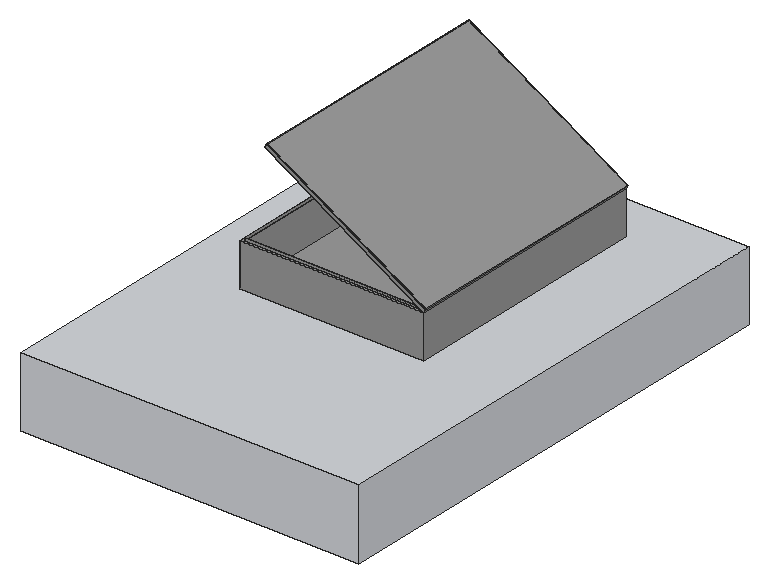
Revit family "Hager-Univers-IP54-D205-H1100-Cl.II-Encl-AT-de", category Equipement électrique, Revit 2020
Family settings
  Hôte = Face
  Configuration du panneau = Deux colonnes, circuits au sein
  Cote de connecteur circulaire = Utiliser le diamètre
  Type d'élément = Tableau de raccordement
  Couper avec des vides une fois chargée = Non
  Partagée = Non
  Point de calcul de pièce = Non
Parameters (values of type "Aufputz IP54 B800 H1100 T205  - FP73SW2")
  Width Control [instance] = if([EF000008 - Breite] > Min Width, [EF000008 - Breite], Min Width)  # 800 mm
  Commentaires du type = [HG000003 - Bereich]  # "Univers"
  Thickness Door [instance] = if([EF009171 - Materialstärke Tür/Deckel] > 3 mm, 3 mm, [EF009171 - Materialstärke Tür/Deckel])  # 1 mm
  Seal Frame Offset [instance] = 17 mm  # constant formula
  Plinth Visibility [instance] = [HG000027 - Sockelhöhe] > 0 mm  # no
  Model = ""
  Min Width [instance] = 100 mm  # constant formula
  Min Height [instance] = 100 mm  # constant formula
  Min Depth [instance] = (2 * [EF009170 - Materialstärke Gehäuse]) + 1 mm  # 3 mm
  Internal Frame Depth [instance] = (Door System Depth * 0.5)  # 9 mm
  Height Control [instance] = if([EF000040 - Höhe] > Min Height, [EF000040 - Höhe], Min Height)  # 1100 mm
  HG000027 - Sockelhöhe = 0 mm
  HG000026 - Stehend auf dem Boden = no
  HG000024 - Höhe des unteren Teils = 800 mm
  HG000023 - Gehäuse mit doppeltem Querschnitt = no
  HG000016 - 3D-Türsichtbarkeit [instance] = yes
  HG000015 - Sichtbarkeit der Türöffnung [instance] = no
  HG000014 - Tür rechts [instance] = yes
  HG000013 - Tür links [instance] = not([HG000014 - Tür rechts])  # no
  HG000012 - Türschwenkwinkel [instance] = 30.00°
  HG000010 - Asymmetrische Türen = no
  HG000009 - Doppelflügeligen Tür = no
  HG000006 - Unterputz = no
  HG000004 - Herstellerreferenz = "FP73SW2"
  HG000003 - Bereich = "Univers"
  HG000002 - Mit tür = yes
  Frame Offset Bottom [instance] = 10 mm  # constant formula
  Frame Offset [instance] = 15 mm  # constant formula
  EF015940 - Deckel mit Überdruckentlastung = no
  EF011959 - Schutzart (NEMA) = ""
  EF009554 - Anzahl der Öffnungen für Flanschplatten = 6
  Fabricant = "Hager"  # constant formula
  EF009212 - Ausführung Deckel = "EV000116 - geschlossen"
  EF009171 - Materialstärke Tür/Deckel = 1 mm
  EF009170 - Materialstärke Gehäuse = 1 mm
  EF008873 - Nennstrom (In) = 250 A
  EF007800 - Geeignet für Blitzschutz = no
  EF006306 - Mit Schloss = no
  EF006244 - Transparenter Deckel/Tür = no
  EF005474 - Schutzart (IP) = "EV006419 - IP54"
  EF004464 - Art der Tür = "EV002646 - Einzel"
  EF004427 - Anzahl der Module = 252
  EF004293 - Schlagfestigkeit = "EV006815 - IK09"
  EF003532 - Geeignet für Außengebrauch = no
  EF002950 - Breite in Teilungseinheiten = 36
  EF001613 - Funktionserhalt = "EV000494 - ohne"
  EF001596 - Werkstoff des Gehäuses = "EV000179 - Stahl"
  EF001131 - Innentiefe = 130 mm
  EF001088 - Anbaumöglichkeit = yes
  EF000437 - Anzahl der Leitungseinführungen = 6
  EF000339 - Art der Abdeckung = "EV004216 - Tür"
  EF000266 - Anzahl der Reihen = 7
  EF000218 - Einbautiefe = 205 mm
  EF000118 - Mit Montageplatte = no
  EF000116 - RAL-Nummer = "9010"
  EF000049 - Tiefe = 205 mm
  EF000040 - Höhe = 1100 mm
  EF000008 - Breite = 800 mm
  EF000007 - Farbe = "EV000202 - weiß"
  EF000003 - Montageart = "EV000384 - Aufputz"
  Door System Leaf Tolerance [instance] = 1.5 mm  # constant formula
  Door System Depth [instance] = 18 mm  # constant formula
  Door Height [instance] = Height Control - [HG000027 - Sockelhöhe]  # 1100 mm
  Depth Control [instance] = if([EF000049 - Tiefe] > Min Depth, [EF000049 - Tiefe], Min Depth)  # 205 mm
  Default Elevation = 0 mm
  Connector Offset [instance] = Height Control / 2  # 550 mm
  Bottom Top Plate Trim [instance] = 1.5 mm  # constant formula
  Plinth height Ctrl [instance] = if([HG000027 - Sockelhöhe] > 0 mm, [HG000027 - Sockelhöhe], 12 mm)  # 12 mm
Types (5, lengths in mm): name | Width Control | HG000010 - Asymmetrische Türen | HG000009 - Doppelflügeligen Tür | HG000004 - Herstellerreferenz | EF009554 - Anzahl der Öffnungen für Flanschplatten | EF004464 - Art der Tür | EF004427 - Anzahl der Module | EF002950 - Breite in Teilungseinheiten | EF000437 - Anzahl der Leitungseinführungen | EF000008 - Breite
  Aufputz IP54 B1050 H1100 T205  - FP74SW2 | 1050 | no | yes | "FP74SW2" | 8 | "EV003602 - Doppel" | 336 | 48 | 8 | 1050
  Aufputz IP54 B1300 H1100 T205  - FP75SW2 | 1300 | yes | yes | "FP75SW2" | 10 | "EV003602 - Doppel" | 420 | 60 | 10 | 1300
  Aufputz IP54 B300 H1100 T205  - FP71SW2 | 300 | no | no | "FP71SW2" | 2 | "EV002646 - Einzel" | 84 | 12 | 2 | 300
  Aufputz IP54 B550 H1100 T205  - FP72SW2 | 550 | no | no | "FP72SW2" | 4 | "EV002646 - Einzel" | 168 | 24 | 4 | 550
  Aufputz IP54 B800 H1100 T205  - FP73SW2 | 800 | no | no | "FP73SW2" | 6 | "EV002646 - Einzel" | 252 | 36 | 6 | 800
Reference planes
  plane 1 "Center (Front/Back)": y = 0
  plane 2: z = 0
  plane 3 "Center (Left/Right)": x = 0
  plane 4: z = 205
  plane 5: y = 1
  plane 6: y = 550
  plane 7: y = 0
  plane 8: y = 1100
  plane 9: z = 0
  plane 10: x = -385
  plane 11: x = 385
  plane 12: x = 384
  plane 13: x = -384
  plane 14: y = 1099
  plane 15: x = -383
  plane 16: x = -400
  plane 17: x = 383
  plane 18: x = 400
  plane 19: x = 399
  plane 20: x = -399
  plane 21: y = 11
  plane 22: y = 1100
  plane 23: y = 1084
  plane 24: z = 187
  plane 25: z = 1
  plane 26: z = 186
  plane 27: z = 204
Forms (mm)
  Extrusion 1, solid
    sketch origin (0, 0, 0) x (1, 0, 0) y (0, 1, 0)
      loop
        line (-702.964, 1305) -> (-702.964, -811.445) -> (766.763, -811.445) -> (766.763, 1305) -> (-702.964, 1305)
    from 0 to -304.8
  Extrusion 2, solid, material "Hager_Steel_RAL7035_Light_Grey", visible <- "Plinth Visibility", detail levels medium+fine
    sketch origin (0, 0, 0) x (1, 0, 0) y (0, 1, 0)
      loop
        line (-400, 0) -> (400, 0) -> (400, 12) -> (-400, 12) -> (-400, 0)
    from 0 to 187
  Extrusion 3, solid, material "Hager_Steel_RAL7035_Light_Grey", detail levels medium+fine
    sketch origin (0, 0, 0) x (1, 0, 0) y (0, 1, 0)
      loop
        line (-400, 0) -> (400, 0) -> (400, 1100) -> (-400, 1100) -> (-400, 0)
    from 0 to 187
  Extrusion 4, void
    sketch origin (0, 0, 0) x (1, 0, 0) y (0, 1, 0)
      loop
        line (-399, 1) -> (399, 1) -> (399, 1099) -> (-399, 1099) -> (-399, 1)
    from 1 to 186
  Extrusion 5, void
    sketch origin (-381.607, -4572, 187) x (0, -1, 0) y (-1, 0, 0)
      loop
        line (-4583, 2.393) -> (-5656, 2.393) -> (-5656, -765.607) -> (-4583, -765.607) -> (-4583, 2.393)
    from 0 to 1 <- "EF009170 - Materialstärke Gehäuse"
  Extrusion 6, solid, material "Hager_Steel_RAL7035_Light_Grey", detail levels fine
    sketch origin (0, 0, 187) x (1, 0, 0) y (0, 1, 0)
      loop
        line (-384, 1084) -> (-384, 11) -> (384, 11) -> (384, 1084) -> (-384, 1084)
      loop
        line (-385, 10) -> (385, 10) -> (385, 1085) -> (-385, 1085) -> (-385, 10)
    from 0 to 9 <- "Internal Frame Depth"
  Extrusion 7, solid, material "Hager_Steel_RAL7035_Light_Grey", detail levels coarse
    sketch origin (0, 0, 0) x (1, 0, 0) y (0, 1, 0)
      loop
        line (-400, 0) -> (400, 0) -> (400, 1100) -> (-400, 1100) -> (-400, 0)
    from 0 to 205
  Sweep 8, void
    path in 3D
      loop
        line (-400, 12, 0) -> (400, 12, 0) -> (400, 12, 187) -> (-400, 12, 187) -> (-400, 12, 0)
    profile origin (-400, 12, 93.5) x (-1, 0, 0) y (0, -1, 0)
      loop
        line (0, 0) -> (0, 1.5) -> (-1.5, 1.5)
        arc (-1.5, 1.5) -> (-1.061, 0.439) -> (0, 0) r 1.5
Cuts and joins
  Extrusion 4, Extrusion 5 cuts Extrusion 3
  Sweep 8 cuts Extrusion 2
Lines and regions (mm)
  Masking region 1
    outline origin (0, 0, 0) x (1, 0, 0) y (0, 0, 1)
      loop
        line (-400, 205) -> (-400, 0) -> (400, 0) -> (400, 205) -> (-400, 205)
  Masking region 2, detail levels medium+fine
    outline origin (0, 140, 0) x (0, 1, 0) y (0, 0, 1)
      loop
        line (-140, 0) -> (960, 0) -> (960, 187) -> (-140, 187) -> (-140, 0)
  Masking region 3, not visible, detail levels medium+fine
    outline origin (0, 297.922, 0) x (0, 1, 0) y (0, 0, 1)
      loop
        line (263.578, 0) -> (303.578, 0) -> (303.578, 194)
        arc (303.578, 194) -> (300.649, 201.071) -> (293.578, 204) r 10
        line (293.578, 204) -> (263.578, 204) -> (263.578, 0)
  Masking region 4, detail levels coarse
    outline origin (0, 0, 180) x (0, 1, 0) y (0, 0, 1)
      loop
        line (0, -180) -> (1100, -180) -> (1100, 25) -> (0, 25) -> (0, -180)
  Masking region 5, visible <- "Plinth Visibility", detail levels medium+fine
    outline origin (0, 52.24, 12.345) x (0, 0, -1) y (0, 1, 0)
      loop
        line (10.845, -40.24) -> (-173.155, -40.24)
        arc (-173.155, -40.24) -> (-173.594, -41.301) -> (-174.655, -41.74) r 1.5
        line (-174.655, -41.74) -> (-174.655, -52.24) -> (12.345, -52.24) -> (12.345, -41.74)
        arc (12.345, -41.74) -> (11.285, -41.301) -> (10.845, -40.24) r 1.5
  Masking region 6, detail levels medium+fine
    outline origin (-381.607, -4572, 187) x (-1, 0, 0) y (0, -1, 0)
      loop
        line (18.393, -5672) -> (18.393, -4572) -> (-781.607, -4572) -> (-781.607, -5672) -> (18.393, -5672)
  Masking region 7, visible <- "Plinth Visibility", detail levels medium+fine
    outline origin (-381.607, -4727, 187) x (-1, 0, 0) y (0, -1, 0)
      loop
        arc (16.893, -4739) -> (17.332, -4737.939) -> (18.393, -4737.5) r 1.5
        line (18.393, -4737.5) -> (18.393, -4727) -> (-781.607, -4727) -> (-781.607, -4737.5)
        arc (-781.607, -4737.5) -> (-780.546, -4737.939) -> (-780.107, -4739) r 1.5
        line (-780.107, -4739) -> (16.893, -4739)
  Masking region 8, detail levels coarse
    outline origin (-442.548, -4669.526, 187) x (-1, 0, 0) y (0, -1, 0)
      loop
        line (-42.548, -5769.526) -> (-42.548, -4669.526) -> (-842.548, -4669.526) -> (-842.548, -5769.526) -> (-42.548, -5769.526)
  sketch lines
    curve 1: line (-400, 12, 187) -> (-400, 12, 0)
    curve 2: line (400, 12, 187) -> (-400, 12, 187)
    curve 3: line (400, 12, 187) -> (400, 12, 0)
    curve 4: line (-400, 12, 0) -> (400, 12, 0)
Dimensions and locks
  "Depth Control": plane 4 to Extrusion 1
  "HG000027 - Sockelhöhe": plane 1 "Center (Front/Back)" to plane 7
  "EF009170 - Materialstärke Gehäuse": plane 5 to plane 7
  locked: connector elem to plane 3 "Center (Left/Right)"
  equal spacing: plane 8, plane 6, plane 7
  locked: connector elem to plane 6
  "EF009170 - Materialstärke Gehäuse": plane 8 to plane 14
  "EF009170 - Materialstärke Gehäuse": plane 10 to plane 13
  "EF009170 - Materialstärke Gehäuse": plane 12 to plane 11
  "Frame Offset": plane 20 to plane 13
  "Frame Offset": plane 12 to plane 19
  "EF009170 - Materialstärke Gehäuse": plane 16 to plane 20
  "EF009170 - Materialstärke Gehäuse": plane 19 to plane 18
  "Seal Frame Offset": plane 16 to plane 15
  "Seal Frame Offset": plane 17 to plane 18
  "Frame Offset Bottom": plane 21 to plane 5
  "Frame Offset": plane 14 to plane 23
  equal spacing: plane 16, plane 3 "Center (Left/Right)", plane 18
  "Width Control": plane 16 to plane 18
  "EF009170 - Materialstärke Gehäuse": plane 4 to plane 27
  "EF009170 - Materialstärke Gehäuse": plane 24 to plane 26
  "EF009170 - Materialstärke Gehäuse": plane 25 to level
  "Door System Depth": plane 4 to plane 24
  "Height Control": plane 1 "Center (Front/Back)" to Extrusion 7 sketch curve
  "Height Control": Masking region 4 sketch curve to plane 1 "Center (Front/Back)"
  "Height Control": plane 1 "Center (Front/Back)" to plane 22
  "Bottom Top Plate Trim": profile plane to Sweep 8 sketch curve
  "Bottom Top Plate Trim": Sweep 8 sketch curve to profile plane
  "Plinth height Ctrl": plane 1 "Center (Front/Back)" to Extrusion 2 sketch curve
  "Plinth height Ctrl": Masking region 5 sketch curve to plane 1 "Center (Front/Back)"
  "Plinth height Ctrl": plane 1 "Center (Front/Back)" to Masking region 7 sketch curve
  "Thickness Door": Extrusion 6 sketch curve to Extrusion 6 sketch curve  (x3)
  "Thickness Door": cut or joined group of Extrusion 3, Extrusion 4, Extrusion 5 to Extrusion 6 sketch curve
  radius of Masking region 3 sketch curve = 10 mm
  "Bottom Top Plate Trim": radius of Masking region 5 sketch curve  (x2)
  "Bottom Top Plate Trim": radius of Sweep 8 sketch curve
  "Bottom Top Plate Trim": radius of Masking region 7 sketch curve  (x2)
  aligned and locked: plane 2 to Extrusion 1
  aligned and locked: level to Extrusion 1
  aligned and locked: level to Masking region 1 sketch curve
  aligned and locked: Masking region 1 sketch curve to plane 18
  aligned and locked: Masking region 1 sketch curve to plane 16
  aligned and locked: plane 7 to Masking region 2 sketch curve
  aligned and locked: level to Masking region 3 sketch curve
  aligned and locked: Masking region 3 sketch curve to plane 27
  aligned and locked: level to Masking region 2 sketch curve
  aligned and locked: plane 1 "Center (Front/Back)" to Extrusion 2 sketch curve
  aligned and locked: Extrusion 3 sketch curve to plane 7
  aligned and locked: plane 16 to Extrusion 3 sketch curve
  aligned and locked: plane 18 to Extrusion 3 sketch curve
  aligned and locked: plane 20 to Extrusion 4 sketch curve
  aligned and locked: plane 19 to Extrusion 4 sketch curve
  aligned and locked: Extrusion 4 sketch curve to plane 5
  aligned and locked: Extrusion 4 to plane 25
  aligned and locked: plane 26 to Extrusion 4
  aligned and locked: plane 24 to Extrusion 3
  aligned and locked: Extrusion 5 sketch curve to plane 21
  aligned and locked: Extrusion 5 sketch curve to plane 13
  aligned and locked: Extrusion 5 sketch curve to plane 12
  aligned and locked: plane 18 to Extrusion 7 sketch curve
  aligned and locked: plane 1 "Center (Front/Back)" to Extrusion 7 sketch curve
  aligned and locked: plane 16 to Extrusion 7 sketch curve
  aligned and locked: plane 4 to Extrusion 7
  aligned and locked: Extrusion 7 to level
  aligned and locked: level to Masking region 4 sketch curve
  aligned and locked: Masking region 4 sketch curve to plane 1 "Center (Front/Back)"
  aligned and locked: Masking region 4 sketch curve to plane 4
  aligned and locked: nested 1 to level
  aligned and locked: nested 1 to plane 16
  aligned and locked: plane 8 to Extrusion 3 sketch curve
  aligned and locked: plane 23 to Extrusion 5 sketch curve
  aligned and locked: plane 14 to Extrusion 4 sketch curve
  aligned and locked: Masking region 2 sketch curve to plane 8
  aligned and locked: level to Masking region 5 sketch curve
  aligned and locked: plane 16 to Extrusion 2 sketch curve
  aligned and locked: plane 18 to Extrusion 2 sketch curve
  aligned and locked: Masking region 5 sketch curve to plane 24
  aligned and locked: Masking region 2 sketch curve to plane 24
  aligned and locked: plane 24 to Extrusion 2
  aligned and locked: profile plane to Sweep 8 sketch curve  (x2)
  aligned and locked: Masking region 6 sketch curve to plane 18
  aligned and locked: Masking region 6 sketch curve to plane 22
  aligned and locked: Masking region 6 sketch curve to plane 16
  aligned and locked: plane 8 to plane 22
  aligned and locked: Masking region 6 sketch curve to plane 7
  aligned and locked: Masking region 7 sketch curve to plane 16
  aligned and locked: Masking region 7 sketch curve to plane 1 "Center (Front/Back)"
  aligned and locked: Masking region 7 sketch curve to plane 18
  aligned and locked: Masking region 8 sketch curve to plane 1 "Center (Front/Back)"
  aligned and locked: Masking region 8 sketch curve to plane 18
  aligned and locked: Masking region 8 sketch curve to plane 22
  aligned and locked: Masking region 8 sketch curve to plane 16
  aligned and locked: nested 2 to plane 7
  aligned and locked: plane 3 "Center (Left/Right)" to nested 2
  aligned and locked: nested 2 to plane 24
  aligned and locked: Extrusion 6 sketch curve to cut or joined group of Extrusion 3, Extrusion 4, Extrusion 5  (x4)
Automatic sketch dimensions
  Extrusion 1 sketch curve to Extrusion 1 sketch curve = 1469.727 mm
  Extrusion 1 sketch curve to Extrusion 1 sketch curve = 2116.445 mm
  Masking region 1 sketch curve to plane 4 = 0 mm
  plane 6 to Masking region 3 sketch curve = 11.5 mm
  Masking region 3 sketch curve to Masking region 3 sketch curve = 30 mm
  Masking region 5 sketch curve to plane 1 "Center (Front/Back)" = 0 mm
Nested families
  nested 1: "Hager_Enclosure_Symbol" at (-400, 0, 0) x (1, 0, 0) z (0, -1, 0), Height <- "Depth Control", Width <- "Width Control", type "Hager_Enclosure_Symbol"
    with Width_Ctrl 800 mm, Width 800 mm, Height_Ctrl 205 mm, Height 205 mm, A_Width_Int 13.453 mm, A_Width 161.438 mm, A_Height_Ctrl 179.375 mm, A_Height 179.375 mm
  nested 2: "EC000058_Univers_Door" at (0, 0, 187) x (1, 0, 0) z (0, 1, 0), Leaf_Tolerance <- "Door System Leaf Tolerance", Angle <- "HG000012 - Türschwenkwinkel", Door_Depth <- "Door System Depth", Door_Left <- "HG000013 - Tür links", Transparent <- "EF006244 - Transparenter Deckel/Tür", Assymetrical <- "HG000010 - Asymmetrische Türen", Width <- "Width Control", Clearance <- "HG000015 - Sichtbarkeit der Türöffnung", Double <- "HG000009 - Doppelflügeligen Tür", 3d_Door <- "HG000016 - 3D-Türsichtbarkeit", Lock_Visibility <- "EF006306 - Mit Schloss", Width_Ctrl <- "Width Control", Door_Right <- "HG000014 - Tür rechts", Door <- "HG000002 - Mit tür", Height <- "Door Height", Thickness <- "Thickness Door", type "EC000058_Univers_Door", detail levels medium+fine
    with min_wh 3 mm, Width_Ctrl 800 mm, Width 800 mm, Transparent no, Thickness 1 mm, Seal_Material Hager_Rubber, Lock_Visibility no, Lock_Material Hager_Plastic_RAL9005_Jet_Black, Leaf_Width 800 mm, Leaf_Tolerance_External_Sides 0 mm, Leaf_Tolerance 1.5 mm, Leaf_Offset 0 mm, Leaf_Height 1097 mm, Leaf_2_Width 800 mm, Leaf_2_Offset 400 mm, Leaf_1_Width 800 mm, Leaf_1_Offset 400 mm, Height_Ctrl 1100 mm, Height 1100 mm, Glass_Material Hager_Glass, Double_Clearance_Ctrl no, Double no, Door_Right_Ctrl yes, Door_Right yes, Door_Material Hager_Steel_RAL7035_Light_Grey, Door_Left_Ctrl no, Door_Left no, Door_Depth 18 mm, Door yes, Clearance_Material Hager_Clearance, Clearance_Depth 800 mm, Clearance_Ctrl no, Clearance no, Assymetrical no, Angle 30.00°, 3d_Door yes
Connectors
  electrical at (0, 550, 0)
    settings: on plane 9, index 1, voltage 0 V, apparent load 0 VA, apparent load phase1 0 VA, apparent load phase2 0 VA, apparent load phase3 0 VA, power factor 1, load classification "Other", number of poles 1, system type 30, power factor state 1, is connector primary yes, connector utility no, sub classification motor no, connector description ""
Definition of nested family "EC000058_Univers_Door"
  Parameters (values of type "EC000058_Univers_Door")
    min_wh [instance] = (2 * Thickness) + 1 mm  # 11 mm
    Width_Ctrl [instance] = 400 mm
    Width [instance] = 500 mm
    Transparent [instance] = yes
    Thickness [instance] = 5 mm
    Seal_Material [instance] = none
    Lock_Visibility [instance] = yes
    Lock_Material [instance] = none
    Leaf_Width [instance] = if((Width_Ctrl - 2 * Leaf_Tolerance_External_Sides) > 0 mm, (Width_Ctrl - 2 * Leaf_Tolerance_External_Sides), min_wh)  # 400 mm
    Leaf_Tolerance_External_Sides [instance] = 0 mm  # constant formula
    Leaf_Tolerance [instance] = 1.5 mm
    Leaf_Offset [instance] = 0 mm  # constant formula
    Leaf_Height [instance] = if((Height_Ctrl - 2 * Leaf_Tolerance) > 0 mm, (Height_Ctrl - 2 * Leaf_Tolerance), min_wh)  # 497 mm
    Leaf_2_Width [instance] = if(and(and(Double, Assymetrical), Door_Left), (Leaf_Width / 3) - (Leaf_Tolerance / 2), if(and(and(Double, Assymetrical), Door_Right), (Leaf_Width / 3) * 2 - (Leaf_Tolerance / 2), if(and(Double, not(Assymetrical)), (Leaf_Width / 2) - Leaf_Tolerance, Leaf_Width)))  # 400 mm
    Leaf_2_Offset [instance] = if(and(Double, Assymetrical), Leaf_2_Width / 2, if(and(Double, not(Assymetrical)), Leaf_Width / 4, Leaf_Width / 2))  # 200 mm
    Leaf_1_Width [instance] = if(and(and(Double, Assymetrical), Door_Right), (Leaf_Width / 3) - (Leaf_Tolerance / 2), if(and(and(Double, Assymetrical), Door_Left), (Width / 3) * 2 - (Leaf_Tolerance / 2), if(and(Double, not(Assymetrical)), (Leaf_Width / 2) - Leaf_Tolerance, Leaf_Width)))  # 400 mm
    Leaf_1_Offset [instance] = if(and(Double, Assymetrical), Leaf_1_Width / 2, if(and(Double, not(Assymetrical)), Leaf_Width / 4, Leaf_Width / 2))  # 200 mm
    Height_Ctrl [instance] = if(Height > min_wh, Height, min_wh)  # 500 mm
    Height [instance] = 500 mm
    Glass_Material [instance] = none
    Double_Clearance_Ctrl [instance] = and(Double, Clearance)  # no
    Double [instance] = no
    Door_Right_Ctrl [instance] = and(or(Door_Right, Double), Door)  # yes
    Door_Right [instance] = yes
    Door_Material [instance] = none
    Door_Left_Ctrl [instance] = and(or(Door_Left, Double), Door)  # no
    Door_Left [instance] = no
    Door_Depth [instance] = 30 mm
    Door [instance] = yes
    Default Elevation = 1219.2 mm
    Clearance_Material [instance] = none
    Clearance_Depth [instance] = if(Leaf_1_Width > Leaf_2_Width, Leaf_1_Width, Leaf_2_Width)  # 400 mm
    Clearance_Ctrl [instance] = and(not(Double), Clearance)  # yes
    Clearance [instance] = yes
    Assymetrical [instance] = yes
    Angle [instance] = 30.00°
    3d_Door [instance] = yes
  Reference planes
    plane 1 "Center (Front/Back)": y = 0
    plane 2 "Bottom": z = 0
    plane 3 "Center (Left/Right)": x = 0
    plane 4: z = 500
    plane 5: x = -200
    plane 6: x = 200
    plane 7: z = 500
    plane 8: x = -200
    plane 9: z = 0
    plane 10: x = 200
    plane 11: y = 0
    plane 12: z = 1.5
    plane 13: x = -600
    plane 14: y = -400
    plane 15: x = 600
    plane 16: x = 0
    plane 17: x = 0
    plane 18: x = -200
    plane 19: x = 200
    plane 20: z = 498.5
  Forms (mm)
    Extrusion 1, solid, material <- "Clearance_Material", visible <- "Double_Clearance_Ctrl"
      sketch origin (1200, 0, 0) x (1, 0, 0) y (0, 0, -1)
        loop
          line (-1800, -498.5) -> (-600, -498.5) -> (-600, 0) -> (-1800, 0) -> (-1800, -498.5)
      from 0 to -400
  Dimensions and locks
    equal spacing: plane 5, plane 3 "Center (Left/Right)", plane 6
    "Width_Ctrl": plane 5 to plane 6
    "Leaf_Offset": plane 5 to plane 8
    "Leaf_Offset": plane 6 to plane 10
    "Leaf_Offset": plane 9 to level
    "Leaf_Offset": plane 4 to plane 7
    "Height_Ctrl": plane 4 to level
    "Leaf_Tolerance": plane 12 to plane 9
    locked: plane 11 to plane 1 "Center (Front/Back)"
    "Leaf_1_Offset": plane 18 to plane 16
    "Leaf_2_Offset": plane 17 to plane 19
    "Leaf_1_Width": plane 13 to plane 8
    "Leaf_2_Width": plane 10 to plane 15
    "Clearance_Depth": plane 14 to plane 1 "Center (Front/Back)"
    "Leaf_Tolerance_External_Sides": plane 8 to plane 18
    "Leaf_Tolerance_External_Sides": plane 19 to plane 10
    "Leaf_Tolerance": plane 7 to plane 20
    aligned and locked: level to plane 2 "Bottom"
    aligned and locked: nested 1 to plane 16
    aligned and locked: nested 2 to plane 17
    aligned and locked: Extrusion 1 to plane 13
    aligned and locked: plane 15 to Extrusion 1
    aligned and locked: Extrusion 1 to plane 14
    aligned and locked: plane 12 to nested 1
    aligned and locked: nested 2 to plane 12
    aligned and locked: Extrusion 1 to plane 11
    aligned and locked: plane 20 to Extrusion 1
    aligned and locked: nested 2 to plane 11
    aligned and locked: nested 1 to plane 11
  Automatic sketch dimensions
    Extrusion 1 sketch curve to level = 0 mm
    plane 5 to Extrusion 1 sketch curve = 400 mm
    plane 6 to Extrusion 1 sketch curve = 400 mm
    Extrusion 1 sketch curve to plane 4 = 1.5 mm
  Nested families
    nested 1: "EC000058_Univers_Door_Leaf" at (0, 0, 1.5), Width <- "Leaf_1_Width", visible <- "Door_Left_Ctrl", Leaf_Height <- "Leaf_Height", Angle <- "Angle", 3d_Door <- "3d_Door", Transparent <- "Transparent", Clearance Material <- "Clearance_Material", Clearance <- "Clearance_Ctrl", Door_Material <- "Door_Material", Glass_Material <- "Glass_Material", Door_Depth <- "Door_Depth", Lock_Material <- "Lock_Material", Seal_Material <- "Seal_Material", Lock_Visibility <- "Lock_Visibility", Thickness <- "Thickness", type "EC000058_Univers_Door_Leaf"
      with Width 400 mm, Transparent_Glass_Offset 30 mm, Transparent_Ctrl yes, Transparent yes, Thickness 5 mm, Standard no, Seal_Material none, Seal_D2 8 mm, Seal_D1 1 mm, Offset_Internal_Frame 10 mm, Lock_Width 20 mm, Lock_Visibility_3d yes, Lock_Visibility yes, Lock_Thickness_3 3 mm, Lock_Thickness_2 1 mm, Lock_Thickness_1 3 mm, Lock_Radius_Offset_2 16 mm, Lock_Radius_Offset_1 15 mm, Lock_Radius_2 5 mm, Lock_Radius 6 mm, Lock_Offset 5 mm, Lock_Material none, Lock_Height 80 mm, Lock_Cover_Top_Offset_2d 17 mm, Lock_Cover_Height -65 mm, Leaf_Height 497 mm, Internal_Seal_Thickness 8 mm, Internal_Seal_Depth_2 4.5 mm, Internal_Frame_Depth 25 mm, Glass_Thickness -1 mm, Glass_Offset -2 mm, Glass_Material none, Door_Material none, Door_Depth 30 mm, Clearance Material none, Clearance yes, Angle_Ctrl 30.00°, Angle 30.00°, 3d_Door yes
    nested 2: "EC000058_Univers_Door_Leaf" at (0, 0, 1.5) x (-1, 0, 0) z (0, 0, 1), Width <- "Leaf_2_Width", visible <- "Door_Right_Ctrl", Leaf_Height <- "Leaf_Height", Angle <- "Angle", 3d_Door <- "3d_Door", Transparent <- "Transparent", Clearance Material <- "Clearance_Material", Clearance <- "Clearance_Ctrl", Door_Material <- "Door_Material", Glass_Material <- "Glass_Material", Door_Depth <- "Door_Depth", Lock_Material <- "Lock_Material", Seal_Material <- "Seal_Material", Lock_Visibility <- "Lock_Visibility", Thickness <- "Thickness", type "EC000058_Univers_Door_Leaf"
      with Width 400 mm, Transparent_Glass_Offset 30 mm, Transparent_Ctrl yes, Transparent yes, Thickness 5 mm, Standard no, Seal_Material none, Seal_D2 8 mm, Seal_D1 1 mm, Offset_Internal_Frame 10 mm, Lock_Width 20 mm, Lock_Visibility_3d yes, Lock_Visibility yes, Lock_Thickness_3 3 mm, Lock_Thickness_2 1 mm, Lock_Thickness_1 3 mm, Lock_Radius_Offset_2 16 mm, Lock_Radius_Offset_1 15 mm, Lock_Radius_2 5 mm, Lock_Radius 6 mm, Lock_Offset 5 mm, Lock_Material none, Lock_Height 80 mm, Lock_Cover_Top_Offset_2d 17 mm, Lock_Cover_Height -65 mm, Leaf_Height 497 mm, Internal_Seal_Thickness 8 mm, Internal_Seal_Depth_2 4.5 mm, Internal_Frame_Depth 25 mm, Glass_Thickness -1 mm, Glass_Offset -2 mm, Glass_Material none, Door_Material none, Door_Depth 30 mm, Clearance Material none, Clearance yes, Angle_Ctrl 30.00°, Angle 30.00°, 3d_Door yes
  Definition of nested family "EC000058_Univers_Door_Leaf"
    Parameters (values of type "EC000058_Univers_Door_Leaf")
      Width [instance] = 2000 mm
      Transparent_Glass_Offset [instance] = 30 mm
      Transparent_Ctrl [instance] = and(Transparent, [3d_Door])  # yes
      Transparent [instance] = yes
      Thickness [instance] = 5 mm
      Standard [instance] = and(not(Transparent), [3d_Door])  # no
      Seal_Material [instance] = none
      Seal_D2 [instance] = 8 mm  # constant formula
      Seal_D1 [instance] = 1 mm  # constant formula
      Offset_Internal_Frame [instance] = 10 mm  # constant formula
      Lock_Width [instance] = 20 mm  # constant formula
      Lock_Visibility_3d [instance] = and(Lock_Visibility, [3d_Door])  # yes
      Lock_Visibility [instance] = yes
      Lock_Thickness_3 [instance] = 3 mm  # constant formula
      Lock_Thickness_2 [instance] = 1 mm  # constant formula
      Lock_Thickness_1 [instance] = 3 mm  # constant formula
      Lock_Radius_Offset_2 [instance] = Lock_Radius_Offset_1 + 1 mm  # 16 mm
      Lock_Radius_Offset_1 [instance] = 15 mm  # constant formula
      Lock_Radius_2 [instance] = Lock_Radius - 1 mm  # 5 mm
      Lock_Radius [instance] = 6 mm  # constant formula
      Lock_Offset [instance] = 5 mm  # constant formula
      Lock_Material [instance] = none
      Lock_Height [instance] = 80 mm  # constant formula
      Lock_Cover_Top_Offset_2d [instance] = Lock_Radius_Offset_2 + 1 mm  # 17 mm
      Lock_Cover_Height [instance] = -(Lock_Height - Lock_Radius_Offset_1)  # -65 mm
      Leaf_Height [instance] = 2720.336 mm
      Internal_Seal_Thickness [instance] = 8 mm  # constant formula
      Internal_Seal_Depth_2 [instance] = 4.5 mm  # constant formula
      Internal_Frame_Depth [instance] = if(Door_Depth - Thickness > 5 mm, Door_Depth - Thickness, 5 mm)  # 25 mm
      Glass_Thickness [instance] = if(Thickness > 15 mm, Glass_Offset + 10 mm, -1 mm)  # -1 mm
      Glass_Offset [instance] = if(Thickness > 15 mm, -(Thickness + 10 mm) / 2, -2 mm)  # -2 mm
      Glass_Material [instance] = none
      Door_Material [instance] = none
      Door_Depth [instance] = 30 mm
      Default Elevation = 0 mm
      Clearance Material [instance] = none
      Clearance [instance] = yes
      Angle_Ctrl [instance] = if(Angle > 180.00°, 180.00°, Angle)  # 90.00°
      Angle [instance] = 90.00°
      3d_Door [instance] = yes
    Reference planes
      plane 1 "Center (Front/Back)": y = 0
      plane 2: z = 0
      plane 3 "Center (Left/Right)": x = 0
      plane 4: y = 2000
      plane 5: x = -1000
      plane 6: x = 1000
      plane 7: x = -3000
      plane 8: z = 2720.336
      plane 9: z = 30
      plane 10: z = 2690.336
      plane 11: x = 970
      plane 12: x = -970
      plane 13: y = -3
      plane 14: z = 107.833
      plane 15: y = -5
      plane 16: y = -223.314
      plane 17: x = -1000
      plane 18: z = 1360.168
      plane 19: y = 30
    Forms (mm)
      Extrusion 1, solid, material <- "Clearance Material", visible <- "Clearance"
        sketch origin (0, 0, 0) x (1, 0, 0) y (0, 0, 1)
          loop
            line (-3000, 2720.336) -> (-3000, 0) -> (1000, 0) -> (1000, 2720.336) -> (-3000, 2720.336)
        from 0 to -2000
      Extrusion 2, solid, material <- "Door_Material", visible <- "Standard", detail levels medium+fine
        sketch origin (-1000, 0, 0) x (0, 1, 0) y (-1, 0, 0)
          loop
            line (0, 30) -> (0, 25) -> (2000, 25) -> (2000, 30) -> (0, 30)
        from 0 to 2720.336 <- "Leaf_Height"
      Extrusion 3, solid, material <- "Door_Material", visible <- "Transparent_Ctrl", detail levels medium+fine
        sketch origin (-1000, 0, 0) x (0, 1, 0) y (-1, 0, 0)
          loop
            line (0, 25) -> (2000, 25) -> (2000, 30) -> (0, 30) -> (0, 25)
        from 0 to 2720.336 <- "Leaf_Height"
      Extrusion 4, void
        sketch origin (-1025, 2000, 0) x (0, 1, 0) y (0, 0, -1)
          loop
            line (-30, -2690.336) -> (-30, -30) -> (-1970, -30) -> (-1970, -2690.336) -> (-30, -2690.336)
        from 0 to 5 <- "Thickness"
      Sweep 5, solid, material <- "Seal_Material", visible <- "Transparent_Ctrl", detail levels fine
        path in 3D
          loop
            line (-1025, 30, 30) -> (-1025, 30, 2690.336) -> (-1025, 1970, 2690.336) -> (-1025, 1970, 30) -> (-1025, 30, 30)
        profile origin (-1025, 1000, 30) x (1, 0, 0) y (0, 0, 1)
          loop
            line (0, 0) -> (0, -8) -> (1, -8) -> (1, 0) -> (0, 0)
      Extrusion 6, solid, material <- "Glass_Material", visible <- "Transparent_Ctrl", detail levels medium+fine
        sketch origin (-1030, 0, 0) x (0, 1, 0) y (0, 0, -1)
          loop
            line (1970, -2690.336) -> (1970, -30) -> (30, -30) -> (30, -2690.336) -> (1970, -2690.336)
        from -2 <- "Glass_Offset" to -1 <- "Glass_Thickness"
      Extrusion 7, solid, material <- "Door_Material", visible <- "3d_Door", detail levels medium+fine
        sketch origin (-1025, 2000, 0) x (0, -1, 0) y (0, 0, -1)
          loop
            line (0, -2720.336) -> (2000, -2720.336) -> (2000, 0) -> (0, 0) -> (0, -2720.336)
          loop
            line (1995, -5) -> (5, -5) -> (5, -2715.336) -> (1995, -2715.336) -> (1995, -5)
        from 0 to 25 <- "Internal_Frame_Depth"
      Sweep 8, solid, material <- "Seal_Material", visible <- "Transparent_Ctrl", detail levels fine
        path in 3D
          loop
            line (-1025, 0, 0) -> (-1025, 2000, 0) -> (-1025, 2000, 2720.336) -> (-1025, 0, 2720.336) -> (-1025, 0, 0)
        profile origin (-1025, 0, 1360.168) x (1, 0, 0) y (0, 1, 0)
          loop
            line (0, 10) -> (2.975, 10)
            arc (2.975, 10) -> (4.053, 10.447) -> (4.5, 11.525) r 1.525
            line (4.5, 11.525) -> (4.5, 16.527)
            arc (4.5, 16.527) -> (4.069, 17.569) -> (3.027, 18) r 1.473
            line (3.027, 18) -> (0, 18) -> (0, 10)
      Extrusion 9, solid, material <- "Lock_Material", visible <- "Lock_Visibility_3d", detail levels fine
        sketch origin (-1030, 0, 0) x (0, 1, 0) y (0, 0, -1)
          loop
            arc (1993.5, -1400.168) -> (1994.561, -1399.729) -> (1995, -1398.668) r 1.5
            line (1995, -1398.668) -> (1995, -1320.168) -> (1975, -1320.168) -> (1975, -1398.668)
            arc (1975, -1398.668) -> (1975.439, -1399.729) -> (1976.5, -1400.168) r 1.5
            line (1976.5, -1400.168) -> (1993.5, -1400.168)
        from 3 <- "Lock_Thickness_1" to 0
      Blend 10, solid, material <- "Lock_Material", visible <- "Lock_Visibility_3d", detail levels fine
        base sketch origin (-1033, 0, 0) x (0, 1, 0) y (0, 0, -1)
          loop
            line (1975, -1320.168) -> (1975, -1398.668)
            arc (1975, -1398.668) -> (1975.439, -1399.729) -> (1976.5, -1400.168) r 1.5
            line (1976.5, -1400.168) -> (1993.5, -1400.168)
            arc (1993.5, -1400.168) -> (1994.561, -1399.729) -> (1995, -1398.668) r 1.5
            line (1995, -1398.668) -> (1995, -1320.168) -> (1975, -1320.168)
        top sketch origin (-1033, 0, 0) x (0, 1, 0) y (0, 0, -1)
          loop
            line (1976, -1320.168) -> (1976, -1398.668)
            arc (1976, -1398.668) -> (1976.146, -1399.022) -> (1976.5, -1399.168) r 0.5
            line (1976.5, -1399.168) -> (1993.5, -1399.168)
            arc (1993.5, -1399.168) -> (1993.854, -1399.022) -> (1994, -1398.668) r 0.5
            line (1994, -1398.668) -> (1994, -1320.168) -> (1976, -1320.168)
        from 0 to 1 <- "Lock_Thickness_2"
      Blend 11, solid, material <- "Lock_Material", visible <- "Lock_Visibility_3d", detail levels fine
        base sketch origin (-1034, 0, 0) x (0, 1, 0) y (0, 0, -1)
          loop
            line (1978, -1320.168) -> (1978, -1384.168)
            arc (1978, -1384.168) -> (1985, -1391.168) -> (1992, -1384.168) r 7
            line (1992, -1384.168) -> (1992, -1320.168) -> (1978, -1320.168)
        top sketch origin (-1034, 0, 0) x (0, 1, 0) y (0, 0, -1)
          loop
            line (1991, -1320.168) -> (1979, -1320.168) -> (1979, -1383.168)
            arc (1979, -1383.168) -> (1985, -1389.168) -> (1991, -1383.168) r 6
            line (1991, -1383.168) -> (1991, -1320.168)
        from 0 to 3 <- "Lock_Thickness_3"
      Extrusion 12, solid, material <- "Lock_Material", visible <- "Lock_Visibility_3d", detail levels fine
        sketch origin (-1030, 1975, 1320.168) x (1, 0, 0) y (0, -1, 0)
          loop
            line (-7, -19) -> (-7, -1) -> (0, -1) -> (0, 0) -> (-8, 0) -> (-8, -20) -> (0, -20) -> (0, -19) -> (-7, -19)
        from 0 to -65 <- "Lock_Cover_Height"
      Extrusion 13, void
        sketch origin (-1038, 1995, 1320.168) x (-1, 0, 0) y (0, 0, -1)
          loop
            line (-5, -65) -> (0, -65) -> (-5, -60) -> (-5, -65)
        from 0 to 20 <- "Lock_Width"
      Extrusion 14, void
        sketch origin (-1038, 1975, 1320.168) x (0, -1, 0) y (0, 0, -1)
          loop
            circle (-10, -15.995) r 6
          loop
            circle (-10, -15.995) r 5
        from 0 to 2
      Extrusion 15, solid, material <- "Lock_Material", visible <- "Lock_Visibility_3d", detail levels medium
        sketch origin (-1030, 0, 0) x (0, 1, 0) y (0, 0, -1)
          loop
            arc (1993.5, -1400.168) -> (1994.561, -1399.729) -> (1995, -1398.668) r 1.5
            line (1995, -1398.668) -> (1995, -1320.168) -> (1975, -1320.168) -> (1975, -1398.668)
            arc (1975, -1398.668) -> (1975.439, -1399.729) -> (1976.5, -1400.168) r 1.5
            line (1976.5, -1400.168) -> (1993.5, -1400.168)
        from 8 to 0
    Cuts and joins
      Extrusion 4 cuts Extrusion 3
      Extrusion 13, Extrusion 14 cuts Extrusion 9
      Extrusion 14 cuts Blend 11
      Extrusion 13, Extrusion 14 cuts Extrusion 12
      joined: Extrusion 9, Blend 10, Blend 11, Extrusion 12
      Extrusion 14 cuts Extrusion 15
    Lines and regions (mm)
      Masking region 1, visible <- "Lock_Visibility", detail levels fine
        outline origin (0, 0, 0) x (0, 1, 0) y (0, 0, 1)
          loop
            line (30, 1320.168) -> (33, 1320.168) -> (33, 1400.168) -> (30, 1400.168) -> (30, 1320.168)
      Masking region 2, visible <- "Lock_Visibility", detail levels fine
        outline origin (0, 3.143, 0) x (0, 1, 0) y (0, 0, 1)
          loop
            line (29.857, 1354.168) -> (30.857, 1354.168) -> (30.857, 1366.168) -> (29.857, 1366.168) -> (29.857, 1354.168)
      Masking region 3, detail levels medium+fine
        outline origin (0, 0, 0) x (0, 1, 0) y (0, 0, 1)
          loop
            line (0, 0) -> (30, 0) -> (30, 2720.336) -> (0, 2720.336) -> (0, 0)
      Masking region 4, detail levels medium+fine
        outline origin (0, 0, 0) x (1, 0, 0) y (0, 0, 1)
          loop
            line (-1000, 2720.336) -> (-1000, 0) -> (1000, 0) -> (1000, 2720.336) -> (-1000, 2720.336)
      Masking region 5, visible <- "Lock_Visibility", detail levels fine
        outline origin (-47.116, 0, 0) x (1, 0, 0) y (0, 0, 1)
          loop
            arc (1024.616, 1399.168) -> (1023.556, 1398.729) -> (1023.116, 1397.668) r 1.5
            line (1023.116, 1397.668) -> (1023.116, 1320.168) -> (1041.116, 1320.168) -> (1041.116, 1397.668)
            arc (1041.116, 1397.668) -> (1040.677, 1398.729) -> (1039.616, 1399.168) r 1.5
            line (1039.616, 1399.168) -> (1024.616, 1399.168)
      Masking region 6, visible <- "Lock_Visibility", detail levels medium+fine
        outline origin (-25, 0, 0) x (1, 0, 0) y (0, 0, 1)
          loop
            arc (1001.5, 1400.168) -> (1000.439, 1399.729) -> (1000, 1398.668) r 1.5
            line (1000, 1398.668) -> (1000, 1320.168) -> (1020, 1320.168) -> (1020, 1398.668)
            arc (1020, 1398.668) -> (1019.561, 1399.729) -> (1018.5, 1400.168) r 1.5
            line (1018.5, 1400.168) -> (1001.5, 1400.168)
      Masking region 7, visible <- "Lock_Visibility", detail levels fine
        outline origin (-73.735, 0, 0) x (1, 0, 0) y (0, 0, 1)
          loop
            line (1051.735, 1382.168) -> (1065.735, 1382.168) -> (1065.735, 1384.168)
            arc (1065.735, 1384.168) -> (1058.735, 1391.168) -> (1051.735, 1384.168) r 7
            line (1051.735, 1384.168) -> (1051.735, 1382.168)
      Masking region 8, visible <- "Lock_Visibility", detail levels fine
        outline origin (-73.735, 0, 0) x (1, 0, 0) y (0, 0, 1)
          loop
            line (1052.735, 1382.168) -> (1064.735, 1382.168) -> (1064.735, 1383.168)
            arc (1064.735, 1383.168) -> (1058.735, 1389.168) -> (1052.735, 1383.168) r 6
            line (1052.735, 1383.168) -> (1052.735, 1382.168)
      Masking region 9, visible <- "Lock_Visibility", detail levels fine
        outline origin (-25, 0, 0) x (1, 0, 0) y (0, 0, 1)
          loop
            line (1020, 1320.168) -> (1020, 1382.168) -> (1000, 1382.168) -> (1000, 1320.168) -> (1020, 1320.168)
      Masking region 10, detail levels medium+fine
        outline origin (0, 0, 0) x (1, 0, 0) y (0, 0, 1)
          loop
            circle (985, 1335.144) r 6
      Masking region 11, detail levels fine
        outline origin (0, 0, 0) x (1, 0, 0) y (0, 0, 1)
          loop
            circle (985, 1335.144) r 5
      Masking region 12, visible <- "Lock_Visibility", detail levels fine
        outline origin (0, 12.767, 0) x (0, 1, 0) y (0, 0, 1)
          loop
            line (20.233, 1320.168) -> (21.233, 1320.168) -> (21.233, 1399.168) -> (20.233, 1400.168) -> (20.233, 1320.168)
      Masking region 13, visible <- "Lock_Visibility", detail levels fine
        outline origin (0, 13.767, -10) x (0, 1, 0) y (0, 0, 1)
          loop
            line (20.233, 1330.168) -> (23.233, 1330.168) -> (23.233, 1399.168) -> (20.233, 1402.168) -> (20.233, 1330.168)
      Masking region 14, visible <- "Lock_Visibility", detail levels fine
        outline origin (0, 12.767, -10) x (0, 1, 0) y (0, 0, 1)
          loop
            line (20.233, 1330.168) -> (25.233, 1330.168) -> (25.233, 1399.305) -> (20.233, 1394.305) -> (20.233, 1330.168)
      Masking region 15, visible <- "Lock_Visibility", detail levels medium
        outline origin (0, 0, 0) x (0, 1, 0) y (0, 0, 1)
          loop
            line (30, 1320.168) -> (38, 1320.168) -> (38, 1400.168) -> (30, 1400.168) -> (30, 1320.168)
      Masking region 16, visible <- "Lock_Visibility", detail levels fine
        outline origin (-1000, 0, 0) x (0, 1, 0) y (-1, 0, 0)
          loop
            line (1975, 30) -> (1995, 30) -> (1995, 38) -> (1975, 38) -> (1975, 30)
          loop
            line (1979, 37) -> (1976, 37) -> (1976, 34) -> (1978, 34) -> (1979, 37)
          loop
            line (1994, 37) -> (1991, 37) -> (1992, 34) -> (1994, 34) -> (1994, 37)
      Masking region 17, visible <- "Lock_Visibility", detail levels medium
        outline origin (-1000, 0, 0) x (0, 1, 0) y (-1, 0, 0)
          loop
            line (1975, 30) -> (1995, 30) -> (1995, 38) -> (1975, 38) -> (1975, 30)
      symbolic lines
        curve 1: line (1000, 0, 0) -> (-3000, 0, 0)
        curve 2: arc (1000, 0, 0) -> (-1000, 2000, 0) -> (-3000, 0, 0) r 2000
        curve 4: line (-1030, 0, 0) -> (-1030, 2000, 0)
      reference lines
        curve 3: line (-1000, 0, 0) -> (-1000, 2000, 0)
      symbolic lines, detail levels medium+fine
        curve 5: line (-1030, 2000, 0) -> (-1025, 2000, 0)
        curve 7: line (-1025, 0, 0) -> (-1030, 0, 0)
        curve 8: line (-1025, 0, 0) -> (-1000, 0, 0)
        curve 9: line (-1000, 0, 0) -> (-1000, 2000, 0)
        curve 10: line (-1000, 2000, 0) -> (-1025, 2000, 0)
      symbolic lines, detail levels fine
        curve 6: line (-1025, 2000, 0) -> (-1025, 0, 0)
      sketch lines
        curve 11: line (-1025, 0, 2720.336) -> (-1025, 0, 0)
        curve 12: line (-1025, 2000, 0) -> (-1025, 0, 0)
        curve 13: line (-1025, 2000, 2720.336) -> (-1025, 2000, 0)
        curve 14: line (-1025, 0, 2720.336) -> (-1025, 2000, 2720.336)
        curve 15: line (-1025, 1970, 30) -> (-1025, 30, 30)
        curve 16: line (-1025, 30, 30) -> (-1025, 30, 2690.336)
        curve 17: line (-1025, 1970, 2690.336) -> (-1025, 1970, 30)
        curve 18: line (-1025, 30, 2690.336) -> (-1025, 1970, 2690.336)
      symbolic lines, visible <- "Transparent", detail levels medium+fine
        curve 19: line (-970, 0, 2690.336) -> (970, 0, 2690.336)
        curve 20: line (-970, 0, 30) -> (-970, 0, 2690.336)
        curve 21: line (970, 0, 30) -> (-970, 0, 30)
        curve 22: line (970, 0, 2690.336) -> (970, 0, 30)
    Dimensions and locks
      "Width": plane 1 "Center (Front/Back)" to plane 4
      equal spacing: plane 5, plane 3 "Center (Left/Right)", plane 6
      "Width": plane 5 to plane 6
      "Width": plane 7 to plane 5
      "Leaf_Height": plane 8 to level
      "Width": curve 5 to curve 3
      "Width": curve 3 to curve 3
      plane 8 to plane 10 = 30 mm
      plane 9 to level = 30 mm
      plane 12 to plane 5 = 30 mm
      plane 6 to plane 11 = 30 mm
      Extrusion 1 to Extrusion 4 sketch curve = 30 mm
      "Transparent_Glass_Offset": curve 3 to Extrusion 4 sketch curve
      "Transparent_Glass_Offset": Extrusion 4 sketch curve to cut or joined group of Extrusion 3, Extrusion 4  (x2)
      cut or joined group of Extrusion 3, Extrusion 4 to Extrusion 6 sketch curve = 30 mm
      "Transparent_Glass_Offset": cut or joined group of Extrusion 3, Extrusion 4 to Extrusion 4 sketch curve
      "Thickness": curve 6 to curve 4
      "Thickness": Extrusion 7 sketch curve to Extrusion 7 sketch curve  (x4)
      "Door_Depth": curve 4 to curve 3
      "Offset_Internal_Frame": profile plane to Sweep 8 sketch curve
      "Internal_Seal_Thickness": Sweep 8 sketch curve to Sweep 8 sketch curve
      "Internal_Seal_Depth_2": profile plane to Sweep 8 sketch curve
      "Seal_D1": profile plane to Sweep 5 sketch curve
      "Seal_D2": profile plane to Sweep 5 sketch curve
      "Thickness": Extrusion 2 sketch curve to Extrusion 2 sketch curve
      equal spacing: Extrusion 9 sketch curve, plane 18, Extrusion 9 sketch curve  (x2)
      equal spacing: Masking region 1 sketch curve, plane 18, Masking region 1 sketch curve
      "Lock_Height": Masking region 1 sketch curve to Masking region 1 sketch curve
      "Lock_Radius": Masking region 2 sketch curve to plane 18 to Masking region 2 sketch curve
      Masking region 2 sketch curve to Masking region 1 = 1 mm
      "Door_Depth": plane 19 to plane 1 "Center (Front/Back)"
      "Lock_Thickness_1": Masking region 1 sketch curve to plane 19
      "Lock_Width": Extrusion 9 sketch curve to Extrusion 9 sketch curve
      "Lock_Height": Extrusion 9 sketch curve to Extrusion 9 sketch curve
      "Lock_Offset": cut or joined group of Extrusion 3, Extrusion 4 to Extrusion 9 sketch curve
      equal spacing: plane 8, plane 18, level
      "Lock_Radius_Offset_1": Blend 11 sketch curve to Blend 10
      locked: Blend 10 to Blend 11 sketch curve at 2  (x2)
      locked: var sketch to Blend 11 sketch curve at 1  (x2)
      "Lock_Radius_Offset_2": Blend 11 sketch curve to Blend 10
      locked: Extrusion 12 sketch curve to Extrusion 12 sketch curve at 1  (x3)
      Masking region 6 sketch curve to Masking region 6 sketch curve = 80 mm
      "Lock_Height": Masking region 6 sketch curve to Masking region 6 sketch curve
      "Lock_Width": Masking region 6 sketch curve to Masking region 6 sketch curve
      locked: Masking region 6 to Masking region 5 sketch curve at 1  (x3)
      locked: Masking region 5 to Masking region 7 sketch curve at 2  (x2)
      "Lock_Radius_Offset_1": Masking region 5 to Masking region 7 sketch curve
      "Lock_Radius_Offset_2": Masking region 5 to Masking region 8 sketch curve
      locked: Masking region 7 to Masking region 8 sketch curve at 1  (x2)
      "Lock_Cover_Top_Offset_2d": Masking region 5 to Masking region 9 sketch curve
      equal spacing: Masking region 9, Masking region 10 sketch curve, Masking region 9
      equal spacing: Masking region 9, Masking region 11 sketch curve, Masking region 9
      Extrusion 15 sketch curve to Extrusion 15 sketch curve = 80 mm
      "Lock_Width": Extrusion 15 sketch curve to Extrusion 15 sketch curve
      "Lock_Height": Extrusion 15 sketch curve to Extrusion 15 sketch curve
      equal spacing: Extrusion 15 sketch curve, plane 18, Extrusion 15 sketch curve
      "Lock_Thickness_3": Masking region 13 sketch curve to Masking region 13 sketch curve
      "Lock_Height": Masking region 12 sketch curve to Masking region 12 sketch curve
      locked: Masking region 13 sketch curve to Masking region 1 at 8
      locked: Masking region 14 sketch curve to Masking region 13 at 1
      locked: Masking region 14 sketch curve to Masking region 1 at 10.863
      "Lock_Height": Masking region 15 sketch curve to Masking region 15 sketch curve
      "Lock_Offset": Extrusion 15 sketch curve to cut or joined group of Extrusion 3, Extrusion 4
      "Lock_Offset": plane 6 to Masking region 6 sketch curve
      radius of Sweep 8 sketch curve = 1.525 mm
      radius of Sweep 8 sketch curve = 1.473 mm
      radius of Extrusion 9 sketch curve = 1.5 mm  (x2)
      "Lock_Radius": radius of Extrusion 14 sketch curve
      "Lock_Radius_2": radius of Extrusion 14 sketch curve
      "Lock_Radius": radius of Masking region 10 sketch curve
      "Lock_Radius_2": radius of Masking region 11 sketch curve
      radius of Extrusion 15 sketch curve = 1.5 mm  (x2)
      "Angle_Ctrl": angle plane 1 "Center (Front/Back)" to curve 3
      locked: Masking region 12 sketch curve to Masking region 12 sketch curve (angle 45.00°)
      locked: Masking region 13 sketch curve to Masking region 13 sketch curve (angle 45.00°)
      locked: Masking region 14 sketch curve to Masking region 14 sketch curve (angle 45.00°)
      aligned and locked: level to plane 2
      aligned and locked: Extrusion 1 to curve 1
      aligned and locked: plane 6 to Extrusion 1
      aligned and locked: Extrusion 1 to plane 1 "Center (Front/Back)"
      aligned and locked: plane 4 to Extrusion 1
      aligned and locked: plane 8 to Extrusion 1
      aligned and locked: curve 7 to Extrusion 2 sketch curve
      aligned and locked: curve 5 to Extrusion 2 sketch curve
      aligned and locked: curve 7 to Extrusion 3 sketch curve
      aligned and locked: Extrusion 3 sketch curve to curve 4
      aligned and locked: Extrusion 3 sketch curve to curve 6
      aligned and locked: Extrusion 3 sketch curve to curve 5
      aligned and locked: curve 9 to curve 3
      aligned and locked: Extrusion 7 sketch curve to cut or joined group of Extrusion 3, Extrusion 4  (x4)
      aligned and locked: plane 17 to curve 3
      aligned and locked: plane 1 "Center (Front/Back)" to curve 3
      aligned and locked: plane 17 to plane 5
      aligned and locked: Sweep 8 sketch curve to profile plane
      aligned and locked: Sweep 5 sketch curve to profile plane  (x2)
      aligned and locked: Masking region 1 to Masking region 2 sketch curve
      aligned and locked: plane 19 to Masking region 1 sketch curve
      aligned and locked: plane 1 "Center (Front/Back)" to Masking region 3 sketch curve
      aligned and locked: plane 19 to Masking region 3 sketch curve
      aligned and locked: level to Masking region 3 sketch curve
      aligned and locked: Masking region 3 sketch curve to plane 8
      aligned and locked: plane 17 to Masking region 4 sketch curve
      aligned and locked: level to Masking region 4 sketch curve
      aligned and locked: Masking region 4 sketch curve to plane 8
      aligned and locked: plane 12 to curve 20
      aligned and locked: plane 10 to curve 19
      aligned and locked: plane 11 to curve 22
      aligned and locked: curve 21 to plane 9
      aligned and locked: Extrusion 2 sketch curve to cut or joined group of Extrusion 3, Extrusion 4
      aligned and locked: Blend 10 sketch curve to Extrusion 9  (x4)
      aligned and locked: Extrusion 9 to Blend 10 sketch curve
      aligned and locked: Blend 10 to Blend 11 sketch curve
      aligned and locked: Extrusion 12 sketch curve to Blend 11
      aligned and locked: Extrusion 12 sketch curve to Extrusion 9  (x4)
      aligned and locked: Masking region 5 sketch curve to Masking region 6
      aligned and locked: Masking region 9 sketch curve to Masking region 6  (x3)
      aligned and locked: Masking region 12 sketch curve to Masking region 1
      aligned and locked: Masking region 13 sketch curve to Masking region 1
      aligned and locked: Masking region 12 to Masking region 14
      aligned and locked: Masking region 14 sketch curve to Masking region 1
      aligned and locked: Masking region 15 sketch curve to Masking region 14
      aligned and locked: Masking region 13 sketch curve to Masking region 12
      aligned and locked: Masking region 16 sketch curve to cut or joined group of Extrusion 14, Extrusion 15  (x4)
      aligned and locked: Masking region 16 sketch curve to cut or joined group of Extrusion 9, Blend 10, Blend 11, Extrusion 12, Extrusion 13, Extrusion 14  (x6)
      aligned and locked: cut or joined group of Extrusion 9, Blend 10, Blend 11, Extrusion 12, Extrusion 13, Extrusion 14 to Masking region 16 sketch curve
      aligned and locked: Masking region 17 sketch curve to cut or joined group of Extrusion 14, Extrusion 15  (x3)
      aligned and locked: Masking region 17 sketch curve to cut or joined group of Extrusion 9, Blend 10, Blend 11, Extrusion 12, Extrusion 13, Extrusion 14
      aligned and locked: Masking region 9 to Masking region 8 sketch curve
      aligned and locked: Masking region 9 to Masking region 7 sketch curve
    Automatic sketch dimensions
      plane 1 "Center (Front/Back)" to curve 2 = 0 mm
      curve 2 to plane 5 = 0 mm
      Extrusion 1 sketch curve to level = 0 mm
      Extrusion 1 sketch curve to plane 7 = 0 mm
      Extrusion 1 sketch curve to plane 6 = 0 mm
      Extrusion 1 sketch curve to plane 8 = 0 mm
      Extrusion 3 to Extrusion 6 sketch curve = 30 mm  (x4)
      Masking region 4 sketch curve to plane 6 = 0 mm
      Blend 10 sketch curve to Extrusion 9 = 1.5 mm
      Blend 10 sketch curve to Extrusion 9 = 1 mm
      Extrusion 13 sketch curve to Extrusion 12 = 0 mm  (x2)
      Extrusion 12 to Extrusion 13 sketch curve = 3 mm
      Extrusion 13 sketch curve to Extrusion 12 = 5 mm
      Extrusion 14 sketch curve to Extrusion 14 sketch curve = 0 mm  (x2)
      Extrusion 14 sketch curve to Extrusion 12 = 10 mm
      Extrusion 14 sketch curve to Extrusion 12 = 15.995 mm
      Masking region 5 sketch curve to Masking region 5 sketch curve = 1.5 mm  (x2)
      Masking region 10 sketch curve to plane 18 = 25.024 mm
      Masking region 11 sketch curve to plane 18 = 25.024 mm
      plane 19 to Masking region 14 sketch curve = 3 mm
      Masking region 16 sketch curve to Masking region 16 sketch curve = 3 mm
      curve 4 to curve 3 = 0 mm
      Blend 10 to Blend 11 sketch curve = 0 mm
      Masking region 6 sketch curve to Masking region 6 sketch curve = 1.5 mm  (x2)
      Masking region 6 sketch curve to plane 18 = 40 mm
      plane 19 to Masking region 12 sketch curve = 3 mm
      Masking region 12 sketch curve to Masking region 12 sketch curve = 1 mm
      Masking region 15 sketch curve to plane 19 = 0 mm
      Masking region 15 sketch curve to plane 18 = 40 mm
      radius of Blend 10 sketch curve to Extrusion 9 = 1 mm
Definition of nested family "Hager_Enclosure_Symbol"
  Parameters (values of type "Hager_Enclosure_Symbol")
    Width_Ctrl [instance] = if(Width > 1 mm, Width, 1 mm)  # 102.27 mm
    Width [instance] = 102.27 mm
    Height_Ctrl [instance] = if(Height > 1 mm, Height, 1 mm)  # 66.5 mm
    A_Width_Int [instance] = if(A_Width / 12 > 2 mm, A_Width / 12, 2 mm)  # 4.364 mm
    A_Width [instance] = if(A_Height_Ctrl * 0.9 > 2 mm, A_Height_Ctrl * 0.9, 2 mm)  # 52.369 mm
    A_Height_Ctrl [instance] = if(A_Height > 2 mm, A_Height, 2 mm)  # 58.188 mm
    Height [instance] = 66.5 mm
    A_Height [instance] = Height - (Height / 8)  # 58.188 mm
  Reference planes
    plane 1 "Centre (avant/arrière)": y = 0
    plane 2: z = 0
    plane 3 "Centre (gauche/droite)": x = 0
    plane 4: x = 52.369
    plane 5: y = 33.042
    plane 6: y = 41.77
    plane 7: y = 66.5
    plane 8: x = 26.184
    plane 9: y = 37.406
    plane 10: x = 102.27
    plane 11: y = 66.5
    plane 12: y = 8.313
  Lines and regions (mm)
    Filled region 1, type "Solid_Black", in view "Niveau de réf."
      outline origin (0, 0, 0) x (1, 0, 0) y (0, 1, 0)
        loop
          line (52.369, 66.5) -> (33.188, 54.536) -> (45.365, 45.006) -> (52.369, 66.5)
    Filled region 2, type "Solid_Black", in view "Niveau de réf."
      outline origin (0, 0, 0) x (1, 0, 0) y (0, 1, 0)
        loop
          line (0, 0) -> (102.27, 0) -> (102.27, 66.5) -> (0, 0)
    detail lines, in view "Niveau de réf."
      curve 1: line (0, 8.313, 0) -> (26.184, 41.77, 0)
      curve 2: line (26.184, 41.77, 0) -> (26.184, 33.042, 0)
      curve 3: line (26.184, 33.042, 0) -> (52.369, 66.5, 0)
  Dimensions and locks
    "A_Width": plane 3 "Centre (gauche/droite)" to plane 4
    equal spacing: plane 3 "Centre (gauche/droite)", plane 8, plane 4
    equal spacing: plane 6, plane 9, plane 5
    equal spacing: curve 3, Filled region 1 sketch curve, Filled region 1 sketch curve
    "Height_Ctrl": plane 1 "Centre (avant/arrière)" to plane 11
    "A_Height_Ctrl": plane 11 to plane 12
    equal spacing: plane 11, plane 9, plane 12
    "A_Width_Int": plane 6 to plane 9
    "Width_Ctrl": plane 3 "Centre (gauche/droite)" to plane 10
    angle Filled region 1 sketch curve to curve 3 = 20.00°
    angle curve 3 to Filled region 1 sketch curve = 20.00°
    locked: curve 3 to Filled region 1 sketch curve (angle 90.00°)
    aligned and locked: plane 10 to Filled region 2
    aligned and locked: plane 11 to Filled region 2 sketch curve
    aligned and locked: plane 10 to Filled region 2 sketch curve
    aligned and locked: plane 3 "Centre (gauche/droite)" to curve 1
    aligned and locked: plane 12 to curve 1
    aligned and locked: plane 7 to plane 11
  Automatic sketch dimensions
    Filled region 1 sketch curve to plane 4 = 0 mm
    Filled region 1 sketch curve to plane 7 = 0 mm
    plane 1 "Centre (avant/arrière)" to Filled region 2 sketch curve = 0 mm
    Filled region 2 sketch curve to plane 3 "Centre (gauche/droite)" = 0 mm
    curve 2 to plane 6 = 0 mm
    curve 2 to plane 8 = 0 mm
    curve 3 to plane 4 = 0 mm
    curve 2 to plane 5 = 0 mm
    curve 3 to plane 7 = 0 mm
